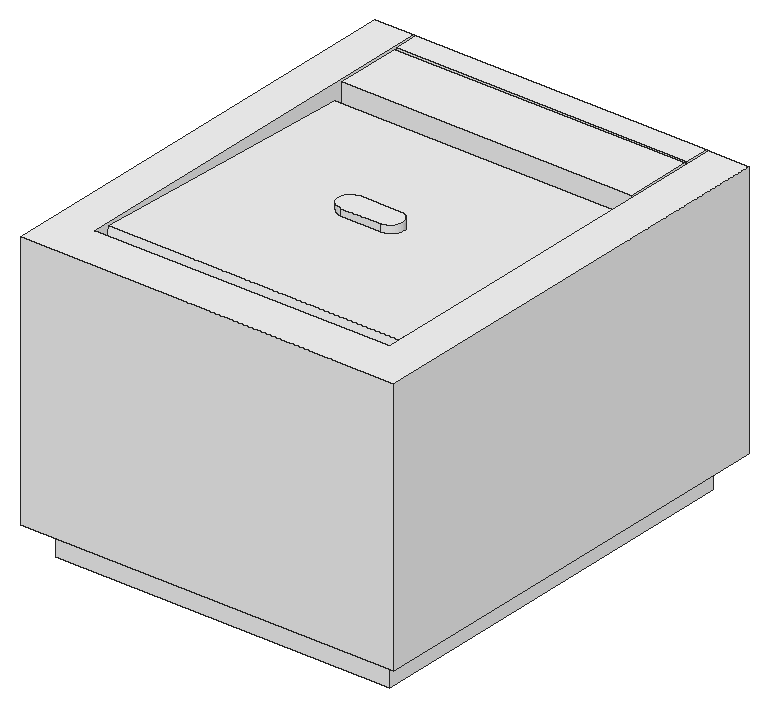
Revit family "Gira_020830", category Electrical Fixtures, host Face, Revit 2017
Family settings
  Host = Face
  Maintain Annotation Orientation = Yes
  Round Connector Dimension = Use Diameter
  Part Type = Normal
  Cut with Voids When Loaded = No
  Shared = No
  Room Calculation Point = No
Parameters (values of type "Abd. BSF + Glasscheibe WG AP Gelb")
  White [instance] = White
  Werkstoffgüte = "sonstige"
  Werkstoff = "sonstige"
  Verwendung = "Schalter/Taster"
  URL = "http://katalog.gira.de/de_DE/datenblatt.html?artikelnr=020830"
  Region = "DE"
  RAL-Nummer (ähnlich) = "1018 "
  Oberfläche = "sonstige"
  Name = "Abd. BSF + Glasscheibe WG AP Gelb"
  Mit austauschbarer Linse/Symbol = "Yes"
  Mit Beschriftungsfeld = "Yes"
  Manufacturer URL = "https://www.gira.de/"
  Kontrollfenster/Lichtauslass = "No"
  HeinzeBIM = "https://bimportal.heinze.de/bim/abd-bsf-glasscheibe-wg-ap-gelb/0adebfa67dd730223080ae898e20b798ebe0253f"
  Halogenfrei = "Yes"
  HAN = "020830"
  Geeignet für Schutzart (IP) = "IP20"
  Geeignet für Bussystem-Tasterankopplung = "No"
  GTIN = "4010337208303"
  Farbe = "gelb"
  Default Elevation = 1219.2 mm
  Data sheet (1) = "https://katalog.gira.de/de_DE/download.html?artikelnr=020830"
  Category = "Abdeckung/Bedienelement für Installationsschalterprogramme"
  Befestigungsart = "Schraubbefestigung"
  Available = "Yes"
  Ausführung = "einteilige Wippe"
  Aufdruck/Kennzeichnung = "ohne Aufdruck"
  Abtastbares Symbol/barrierefrei = "No"
Reference planes
  plane 1 "Center (Front/Back)": y = 0
  plane 2: z = 0
  plane 3 "Center (Left/Right)": x = 0
  plane 4: x = 30
  plane 5: x = -30
  plane 6: z = 41.4
Forms (mm)
  Extrusion 1, solid, material "White" <- "White", detail levels medium+fine
    sketch origin (0, 0, 0) x (1, 0, 0) y (0, 1, 0)
      loop
        line (-34, 41) -> (-34, -41) -> (34, -41) -> (34, 41) -> (-34, 41)
    from 0 to -6.2
  Extrusion 2, solid, material "White" <- "White", detail levels medium+fine
    sketch origin (0, 0, 0) x (1, 0, 0) y (0, 1, 0)
      loop
        line (-38, 45) -> (-38, -45) -> (38, -45) -> (38, 45) -> (-38, 45)
    from 0 to 52.4
  Extrusion 3, void
    sketch origin (0, 0, 0) x (1, 0, 0) y (0, 0, 1)
      loop
        line (-30, 59.413) -> (-30, 41.4) -> (30, 41.4) -> (30, 59.413) -> (-30, 59.413)
    from 36 to -113.06
  Extrusion 4, solid, material "White" <- "White", detail levels medium
    sketch origin (225, 0, 0) x (1, 0, 0) y (0, 1, 0)
      loop
        line (-254.5, 44.5) -> (-254.5, -35.5) -> (-195.5, -35.5) -> (-195.5, 44.5) -> (-254.5, 44.5)
    from 41.4 to 52.4
  Extrusion 5, solid, material "White" <- "White", detail levels fine
    sketch origin (0, 0, 0) x (1, 0, 0) y (0, 1, 0)
      loop
        line (-29.5, 45) -> (-29.5, 40) -> (29.5, 40) -> (29.5, 45) -> (-29.5, 45)
    from 41.4 to 52.4
  Extrusion 6, solid, material "White" <- "White", detail levels fine
    sketch origin (0, 0, 0) x (1, 0, 0) y (0, 1, 0)
      loop
        line (29.5, 39.5) -> (-29.5, 39.5) -> (-29.5, 26) -> (29.5, 26) -> (29.5, 39.5)
    from 41.4 to 52.4
  Extrusion 7, solid, material "White" <- "White", detail levels fine
    sketch origin (0, 0, 0) x (1, 0, 0) y (0, 1, 0)
      loop
        arc (-4, -1) -> (-6.5, -3.5) -> (-4, -6) r 2.5
        line (-4, -6) -> (4, -6)
        arc (4, -6) -> (6.5, -3.5) -> (4, -1) r 2.5
        line (4, -1) -> (-4, -1)
    from 41.4 to 52.4
  Extrusion 8, solid, material "White" <- "White", detail levels coarse
    sketch origin (0, 0, 0) x (1, 0, 0) y (0, 1, 0)
      loop
        line (-38, 46) -> (-38, -45) -> (38, -45) -> (38, 46) -> (-38, 46)
    from -6.2 to 52.4
  Extrusion 9, solid, material "White" <- "White", detail levels medium+fine
    sketch origin (0, 0, 0) x (1, 0, 0) y (0, 0, 1)
      loop
        circle (0, 14) r 3.6
    from -46 to -45
  Extrusion 10, solid, material "White" <- "White", detail levels fine
    sketch origin (0, 0, 0) x (0, 1, 0) y (0, 0, 1)
      loop
        line (-36, 41.4) -> (26, 41.4) -> (24.38, 49.736) -> (-33.115, 52.169) -> (-36, 41.4)
    from -29.5 to 29.5
Cuts and joins
  Extrusion 3 cuts Extrusion 2
Dimensions and locks
  aligned and locked: plane 2 to host face
  aligned and locked: level to host face
  aligned and locked: plane 3 "Center (Left/Right)" to nested 1
  aligned and locked: plane 1 "Center (Front/Back)" to nested 1
Nested families
  nested 1: "Schalter" at (0, 0, 0), type "Schalter"
Connectors
  electrical at (0, 0, -6.2)
    settings: on Extrusion 1, index 1, voltage 224 V, apparent load 0 VA, apparent load phase1 0 VA, apparent load phase2 0 VA, apparent load phase3 0 VA, power factor 1, load classification "Other", number of poles 1, system type 30, power factor state 1, is connector primary yes, connector utility no, sub classification motor no, connector description ""
Definition of nested family "Schalter"
  Reference planes
    plane 1: y = 0
    plane 2: x = 0
  Lines and regions (mm)
    detail lines
      curve 1: circle (1.375, 2.778, 0) r 0.8 normal (0, 0, 1)
      curve 2: line (1.021, 2.061, 0) -> (0, 0, 0)
      curve 3: line (0, 0, 0) -> (-0.538, 0.266, 0)
  Dimensions and locks
    curve 2 to curve 2 = 2.3 mm
    curve 3 to curve 2 = 0.6 mm
    radius of curve 1 = 0.8 mm
